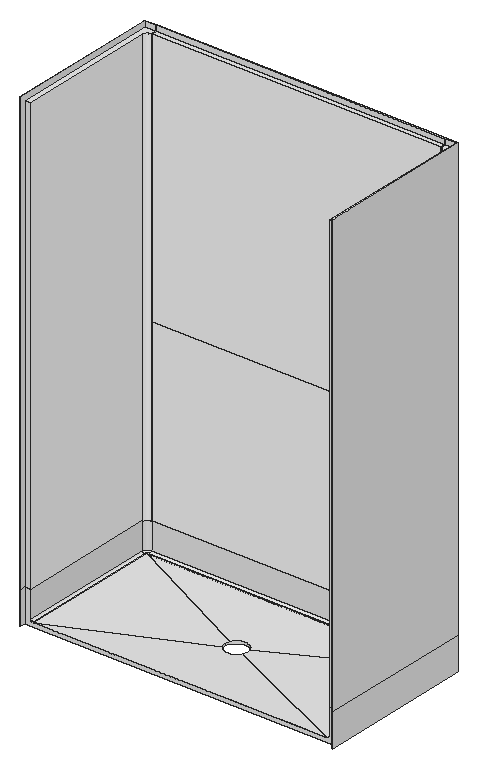
Revit family "5XRS6029B75B,B2B", category Plumbing Fixtures, Revit 2014
Parameters (values of type "5XRS6029B75B")
  Unit Width = 5' - 0"
  Unit Height = 7' - 7"
  URL = "http://www.best-bath.com/"
  Type Comments = "Barrier Free"
  Threshold Height = 0' - 0 3/4"
  Model = "5XRS6029B75B"
  Material [instance] = Best Bath Gelcoat Fiberglass - RealTile
  Manufacturer = "Best Bath Systems, Inc."
  Keynote = "22 40 00.B3"
  Description = "RealTile, Beveled Threshold"
  Assembly Code = "D2010710"
Types (3): name | Unit Height | Threshold Height | Model
  (no name) | 7' - 7" | 0' - 0 3/4" | "5XRS6029B75B"
  5XRS6029B75B | 7' - 7" | 0' - 0 3/4" | "5XRS6029B75B"
  5XRS6029B2B | 7' - 8 1/4" | 0' - 2" | "5XRS6029B2B"
Reference planes (in)
  plane 1: z = 0
  plane 2 "Left": x = 0
  plane 3: z = 90
  plane 4: z = 91
  plane 5: y = 7.36165
  plane 6: y = 36.36165
  plane 7: x = 60
  plane 8: y = 35.11165
  plane 9: y = 20.73665
  plane 10: x = 30
  plane 11: z = 0.375
  plane 12: z = 0.75
  plane 13: z = 40.5
  plane 14: z = 6.25
  plane 15: y = 6.36165
Forms (in)
  Extrusion 1, solid, material "Best Bath Gelcoat Fiberglass - Smooth"
    sketch origin (0, 0, 0) x (1, 0, 0) y (0, 1, 0)
      loop
        line (0, 7.36165) -> (60, 7.36165) -> (60, 36.36165) -> (0, 36.36165) -> (0, 7.36165)
      loop
        circle (30, 20.73665) r 2.125
    from 0 to 0.75
  Extrusion 2, solid, material "Best Bath Gelcoat Fiberglass - Smooth"
    sketch origin (0, 0, 0) x (1, 0, 0) y (0, 1, 0)
      loop
        line (2.25, 36.36165) -> (2.25, 35.11165) -> (57.75, 35.11165) -> (57.75, 36.36165) -> (2.25, 36.36165)
    from 6.25 to 40.5
  Blend 3, void
    base sketch origin (0, 0, 0) x (1, 0, 0) y (0, 1, 0)
      loop
        line (1.875, 7.36165) -> (58.125, 7.36165) -> (58.125, 34.48665) -> (1.875, 34.48665) -> (1.875, 7.36165)
    top sketch origin (0, 0, 0) x (1, 0, 0) y (0, 1, 0)
      loop
        circle (30, 20.73665) r 0.07952
    from 0.75 to 0.375
  Extrusion 4, solid, material "Best Bath Gelcoat Fiberglass - Smooth"
    sketch origin (0, 0, 0) x (1, 0, 0) y (0, 1, 0)
      loop
        line (2.25, 36.36165) -> (2.25, 35.11165) -> (57.75, 35.11165) -> (57.75, 36.36165) -> (2.25, 36.36165)
    from 40.5 to 90
  Extrusion 5, solid, material "Best Bath Gelcoat Fiberglass - Smooth"
    sketch origin (0.25, 0, 0) x (1, 0, 0) y (0, 1, 0)
      loop
        line (-0.25, 7.36165) -> (1, 7.36165) -> (1, 34.11165)
        arc (1, 34.11165) -> (1.29289, 34.81875) -> (2, 35.11165) r 1
        line (2, 35.11165) -> (2, 36.36165) -> (-0.25, 36.36165) -> (-0.25, 7.36165)
      loop
        line (59.75, 7.36165) -> (59.75, 36.36165) -> (57.5, 36.36165) -> (57.5, 35.11165)
        arc (57.5, 35.11165) -> (58.20711, 34.81875) -> (58.5, 34.11165) r 1
        line (58.5, 34.11165) -> (58.5, 7.36165) -> (59.75, 7.36165)
    from 6.25 to 90
  Extrusion 6, solid, material "Best Bath Gelcoat Fiberglass - Smooth"
    sketch origin (0, 0, 0) x (1, 0, 0) y (0, 1, 0)
      loop
        line (0, 36.36165) -> (0, 7.36165) -> (1.25, 7.36165) -> (1.25, 34.11165)
        arc (1.25, 34.11165) -> (1.54289, 34.81875) -> (2.25, 35.11165) r 1
        line (2.25, 35.11165) -> (57.75, 35.11165)
        arc (57.75, 35.11165) -> (58.45711, 34.81875) -> (58.75, 34.11165) r 1
        line (58.75, 34.11165) -> (58.75, 7.36165) -> (60, 7.36165) -> (60, 35.11165) -> (60, 36.36165) -> (0, 36.36165)
    from 0 to 6.25
  Sweep 7, solid, material "Best Bath Gelcoat Fiberglass - Smooth"
    path origin (0, 0, 0) x (1, 0, 0) y (0, 1, 0)
      loop
        line (1.25, 7.36165) -> (1.25, 34.11165)
        arc (1.25, 34.11165) -> (1.54289, 34.81875) -> (2.25, 35.11165) r 1
        line (2.25, 35.11165) -> (57.75, 35.11165)
        arc (57.75, 35.11165) -> (58.45711, 34.81875) -> (58.75, 34.11165) r 1
        line (58.75, 34.11165) -> (58.75, 7.36165)
    profile origin (1.25, 20.73665, 0) x (-1, 0, 0) y (0, 0, 1)
      loop
        line (0, 0.75) -> (0, 1.125)
        arc (0, 1.125) -> (-0.10983, 0.85983) -> (-0.375, 0.75) r 0.375
        line (-0.375, 0.75) -> (0, 0.75)
  Extrusion 8, solid, material "Best Bath Gelcoat Fiberglass - Smooth"
    sketch origin (0, 0, 0) x (1, 0, 0) y (0, 1, 0)
      loop
        line (0, 6.36165) -> (0.125, 6.36165) -> (0.125, 7.36165) -> (0, 7.36165) -> (0, 6.36165)
      loop
        line (60, 6.36165) -> (60, 7.36165) -> (59.875, 7.36165) -> (59.875, 6.36165) -> (60, 6.36165)
    from 0 to 6.25
  Extrusion 9, solid, material "Best Bath Gelcoat Fiberglass - Smooth"
    sketch origin (0, 0, 0) x (1, 0, 0) y (0, 1, 0)
      loop
        line (2.25, 36.36165) -> (2.25, 36.23665) -> (57.75, 36.23665) -> (57.75, 36.36165) -> (2.25, 36.36165)
    from 90 to 91
  Extrusion 10, solid, material "Best Bath Gelcoat Fiberglass - Smooth"
    sketch origin (0, 0, 0) x (1, 0, 0) y (0, 1, 0)
      loop
        line (0.125, 6.36165) -> (0.125, 36.23665) -> (2.25, 36.23665) -> (2.25, 36.36165) -> (0, 36.36165) -> (0, 6.36165) -> (0.125, 6.36165)
      loop
        line (59.875, 6.36165) -> (60, 6.36165) -> (60, 36.36165) -> (57.75, 36.36165) -> (57.75, 36.23665) -> (59.875, 36.23665) -> (59.875, 6.36165)
    from 6.25 to 91
Cuts and joins
  Blend 3 cuts Extrusion 1
  joined: Extrusion 1, Extrusion 6, Sweep 7, Extrusion 8
  joined: Extrusion 4, Extrusion 9
  joined: Extrusion 5, Extrusion 10
Dimensions and locks (in)
  locked: plane 4 to plane 3 at 1
  "Unit Height": plane 4 to level
  equal spacing: plane 2 "Left", plane 10, plane 7
  "Unit Width": plane 2 "Left" to plane 7
  locked: plane 6 to plane 8 at 1.25
  locked: plane 6 to plane 9 at 15.625
  "Threshold Height": plane 12 to level
  locked: plane 12 to plane 11 at 0.375
  locked: plane 13 to plane 14 at 34.25
  plane 14 to plane 12 = 0' - 5 1/2"
  locked: plane 5 to plane 15 at 1
  locked: plane 6 to plane 15 at 30
  aligned and locked: level to plane 1
  aligned and locked: Extrusion 1 sketch curve to plane 5
  aligned and locked: Extrusion 1 sketch curve to plane 2 "Left"
  aligned and locked: plane 6 to Extrusion 1 sketch curve
  aligned and locked: Extrusion 1 sketch curve to plane 7
  aligned and locked: plane 10 to Extrusion 1 sketch curve
  aligned and locked: plane 9 to Extrusion 1 sketch curve
  aligned and locked: plane 12 to Extrusion 1
  aligned and locked: plane 9 to Blend 3 sketch curve
  aligned and locked: plane 10 to Blend 3 sketch curve
  aligned and locked: Extrusion 1 to Blend 3
  aligned and locked: Blend 3 to plane 11
  aligned and locked: plane 13 to Extrusion 2
  aligned and locked: Extrusion 4 to Extrusion 2
  aligned and locked: plane 3 to Extrusion 4
  aligned and locked: plane 3 to Extrusion 5
  aligned and locked: plane 14 to Extrusion 6
  aligned and locked: Extrusion 5 to plane 14
  aligned and locked: Extrusion 2 to plane 14
  aligned and locked: Sweep 7 sketch curve to plane 12
  aligned and locked: Extrusion 8 to Extrusion 2
  aligned and locked: Extrusion 9 to plane 3
  aligned and locked: plane 4 to Extrusion 9
  aligned and locked: Extrusion 10 to Extrusion 2
  aligned and locked: plane 4 to Extrusion 10
Automatic sketch dimensions
  Extrusion 6 sketch curve to plane 2 "Left" = 0' - 0"
  Extrusion 6 sketch curve to plane 5 = 0' - 0"  (x2)
  Extrusion 6 sketch curve to plane 8 = 0' - 0"  (x2)
  Extrusion 6 sketch curve to plane 7 = 0' - 0"
  Extrusion 6 sketch curve to plane 6 = 0' - 0"
  Extrusion 6 sketch curve to Extrusion 6 sketch curve = 0' - 1 1/4"  (x2)
  Extrusion 6 sketch curve to Extrusion 6 sketch curve = 0' - 1"
  Extrusion 6 sketch curve to plane 8 = 0' - 1"
  Extrusion 5 sketch curve to plane 2 "Left" = 0' - 0"
  Extrusion 5 sketch curve to plane 5 = 0' - 0"  (x2)
  Extrusion 5 sketch curve to plane 6 = 0' - 0"  (x2)
  Extrusion 5 sketch curve to plane 8 = 0' - 0"  (x2)
  Extrusion 5 sketch curve to plane 7 = 0' - 0"
  Extrusion 5 sketch curve to Extrusion 5 sketch curve = 0' - 1 1/4"
  Extrusion 5 sketch curve to Extrusion 5 sketch curve = 0' - 1"
  plane 7 to Extrusion 5 sketch curve = 0' - 2 1/4"
  Extrusion 5 sketch curve to plane 8 = 0' - 1"
  Extrusion 2 sketch curve to plane 8 = 0' - 0"
  Extrusion 2 sketch curve to plane 6 = 0' - 0"
  plane 2 "Left" to Extrusion 2 sketch curve = 0' - 2 1/4"
  plane 7 to Extrusion 2 sketch curve = 0' - 2 1/4"
  Extrusion 4 sketch curve to plane 8 = 0' - 0"
  Extrusion 4 sketch curve to plane 6 = 0' - 0"
  plane 2 "Left" to Extrusion 4 sketch curve = 0' - 2 1/4"
  plane 7 to Extrusion 4 sketch curve = 0' - 2 1/4"
  Sweep 7 sketch curve to plane 5 = 0' - 0"  (x2)
  Sweep 7 sketch curve to plane 8 = 0' - 0"
  plane 2 "Left" to Sweep 7 sketch curve = 0' - 1 1/4"
  Sweep 7 sketch curve to Sweep 7 sketch curve = 0' - 1"
  Sweep 7 sketch curve to plane 8 = 0' - 1"
  plane 7 to Sweep 7 sketch curve = 0' - 2 1/4"
  Sweep 7 sketch curve to profile plane = 0' - 0"
  profile plane to Sweep 7 sketch curve = 0' - 0 3/8"
  Blend 3 sketch curve to plane 5 = 0' - 0"
  Blend 3 sketch curve to plane 8 = 0' - 0 5/8"
  plane 2 "Left" to Blend 3 sketch curve = 0' - 1 7/8"
  plane 7 to Blend 3 sketch curve = 0' - 1 7/8"
  Extrusion 8 sketch curve to plane 2 "Left" = 0' - 0"
  Extrusion 8 sketch curve to plane 5 = 0' - 0"  (x2)
  Extrusion 8 sketch curve to plane 15 = 0' - 0"  (x2)
  Extrusion 8 sketch curve to plane 7 = 0' - 0"
  plane 2 "Left" to Extrusion 8 sketch curve = 0' - 0 1/8"
  plane 7 to Extrusion 8 sketch curve = 0' - 0 1/8"
  Extrusion 9 sketch curve to plane 6 = 0' - 0"
  plane 2 "Left" to Extrusion 9 sketch curve = 0' - 2 1/4"
  plane 7 to Extrusion 9 sketch curve = 0' - 2 1/4"
  Extrusion 9 sketch curve to plane 6 = 0' - 0 1/8"
  Extrusion 10 sketch curve to plane 2 "Left" = 0' - 0"
  Extrusion 10 sketch curve to plane 15 = 0' - 0"  (x2)
  Extrusion 10 sketch curve to plane 6 = 0' - 0"  (x2)
  Extrusion 10 sketch curve to plane 7 = 0' - 0"
  plane 2 "Left" to Extrusion 10 sketch curve = 0' - 0 1/8"
  Extrusion 10 sketch curve to plane 6 = 0' - 0 1/8"  (x2)
  Extrusion 10 sketch curve to Extrusion 10 sketch curve = 0' - 2 1/8"
  plane 7 to Extrusion 10 sketch curve = 0' - 2 1/4"
  plane 7 to Extrusion 10 sketch curve = 0' - 0 1/8"
  radius of Extrusion 1 sketch curve = 0' - 2 1/8"
  radius of Blend 3 sketch curve = 0' - 0.07952"
